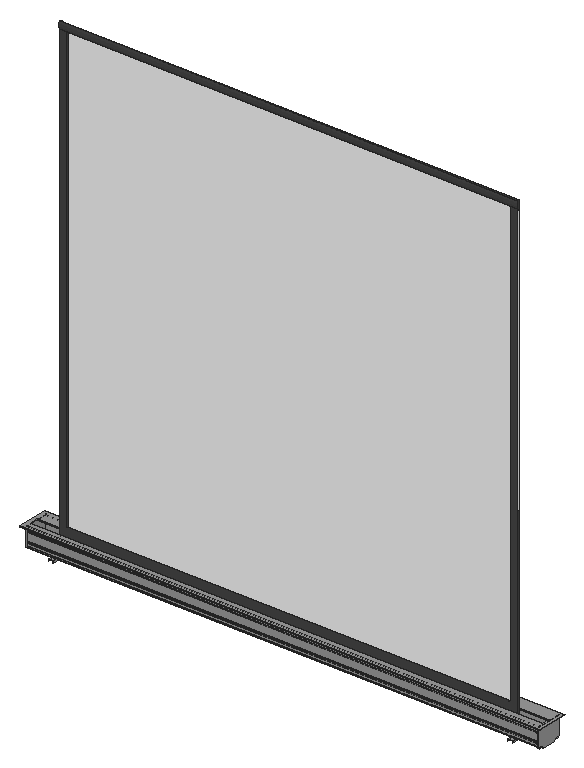
Revit family "Projector_Screen-Draper-Access_Fit_E", category Specialty Equipment, host Face, Revit 2026
Family settings
  Host = Face
  Round Connector Dimension = Use Diameter
  Part Type = Normal
  Classification Number = 23.85.10.14.31
  Enable Cutting in Views = No
  Cut with Voids When Loaded = No
  Maintain Annotation Orientation = No
  Shared = No
  Room Calculation Point = No
Parameters (values of type "AV Format  10 Feet  x 10 Feet")
  Width = 0' - 8 25/128"
  Voltage = 110 V
  URL = "http://www.draperinc.com"
  Screen Height = 10' - 0"
  Screen Drop = Screen Height  # 10' - 0"
  Screen Width = 10' - 0"
  Raised [instance] = not(Lowered)  # no
  Projection Screen Material = Fabric - Draper - CH1900E - Pearl White
  Product Page URL = "http://www.draperinc.com/ProjectionScreens/ProductDetail.aspx?detail=920"
  Product Name = "Access Fit/Series E  Electric Projection Screen"  # constant formula
  Product Documentation Link = "http://www.draperinc.com/DocumentDownload.aspx?path=ProjectionScreens\\Submittals&file=AccessFitE_In_Sub.pdf"
  Overall Size = "10' x 10'"
  Number of Poles = 1
  Model = "Access Fit/Series E"  # constant formula
  Material = ""
  Manufacturer = "Draper Inc."  # constant formula
  Lowered [instance] = yes
  Length = 11' - 4"
  Image Width = Screen Width - 0' 4"  # 9' - 8"
  Image Height = Screen Height - 0' 4"  # 9' - 8"
  Image Area = "10' x 10'"
  Frequency = 60 Hz
  Description = "Projection Screen"  # constant formula
  Default Elevation = 4' - 0"
  Case Width = Width - 0' 0 225/256" * 2  # 0' - 6 7/16"
  Case Material = Metal - Draper - Stainless Steel - Polished
  Case Height = 0' - 5 1/8"  # constant formula
  Cap Width = Width - 0' 0 183/256" * 2  # 0' - 6 49/64"
  Cap Height = 0' - 5 9/16"  # constant formula
  Apparent Load = 132 VA
Types (27): name | Screen Height | Screen Drop | Screen Width | Overall Size | Length | Image Width | Image Height | Image Area
  AV Format  10 Feet  x 10 Feet | 10' - 0" | 10' - 0" | 10' - 0" | "10' x 10'" | 11' - 4" | 9' - 8" | 9' - 8" | "10' x 10'"
  AV Format  8 Feet x 10 Feet | 8' - 0" | 8' - 0" | 10' - 0" | "8' x 10'" | 11' - 4" | 9' - 8" | 7' - 8" | "8' x 10'"
  AV Format  9 Feet x 9 Feet | 9' - 0" | 9' - 0" | 9' - 0" | "9' x 9'" | 10' - 6" | 8' - 8" | 8' - 8" | "9' x 9'"
  AV Format  7 Feet x 9 Feet | 7' - 0" | 7' - 0" | 9' - 0" | "7' x 9'" | 10' - 6" | 8' - 8" | 6' - 8" | "7' x 9'"
  AV Format  96 Inches x 96 Inches | 8' - 0" | 8' - 0" | 8' - 0" | "96\" x 96\"" | 9' - 5" | 7' - 8" | 7' - 8" | "96\" x 96\""
  AV Format  72 Inches x 96 Inches | 6' - 0" | 6' - 0" | 8' - 0" | "72\" x 96\"" | 9' - 5" | 7' - 8" | 5' - 8" | "72\" x 96\""
  AV Format  84 Inches x 84 Inches | 7' - 0" | 7' - 0" | 7' - 0" | "84\" x 84\"" | 8' - 6" | 6' - 8" | 6' - 8" | "84\" x 84\""
  AV Format  70 Inches x 70 Inches | 5' - 10" | 5' - 10" | 5' - 10" | "70\" x 70\"" | 7' - 1" | 5' - 6" | 5' - 6" | "70\" x 70\""
  AV Format  60 Inches x 60 Inches | 5' - 0" | 5' - 0" | 5' - 0" | "60\" x 60\"" | 6' - 4" | 4' - 8" | 4' - 8" | "60\" x 60\""
  AV Format  50 Inches x 50 Inches | 4' - 2" | 4' - 2" | 4' - 2" | "50\" x 50\"" | 5' - 6" | 3' - 10" | 3' - 10" | "50\" x 50\""
  16:10 Format 137 Inches | 6' - 4 1/2" | 6' - 4 1/2" | 10' - 0" | "76 1/2\" x 120\"" | 11' - 4" | 9' - 8" | 6' - 0 1/2" | "72 1/2\" x 116\""
  16:10 Format 123 Inches | 5' - 9" | 5' - 9" | 9' - 0" | "69\" x 108\"" | 10' - 6" | 8' - 8" | 5' - 5" | "65\" x 104\""
  16:10 Format 113 Inches | 6' - 0" | 6' - 0" | 8' - 4" | "72\" x 100\"" | 9' - 11" | 8' - 0" | 5' - 8" | "60\" x 96\""
  16:10 Format 109 Inches | 5' - 9 1/2" | 5' - 9 1/2" | 8' - 0" | "69 1/2\" x 96\"" | 9' - 5" | 7' - 8" | 5' - 5 1/2" | "57 1/2\" x 92\""
  16:10 Format 94 Inches | 5' - 2" | 5' - 2" | 6' - 11 1/2" | "62\" x 83 1/2\"" | 8' - 6" | 6' - 7 1/2" | 4' - 10" | "50\" x 80\""
  HDTV Format 133 Inches | 5' - 9" | 5' - 9" | 10' - 0" | "69\" x 120\"" | 11' - 4" | 9' - 8" | 5' - 5" | "65\" x 116\""
  HDTV Format 119 Inches | 5' - 2" | 5' - 2" | 9' - 0" | "62\" x 108\"" | 10' - 6" | 8' - 8" | 4' - 10" | "58\" x 104\""
  HDTV Format 110 Inches | 5' - 6" | 5' - 6" | 8' - 4" | "66\" x 100\"" | 9' - 11" | 8' - 0" | 5' - 2" | "54\" x 96\""
  HDTV Format 106 Inches | 5' - 4" | 5' - 4" | 8' - 0" | "64\" x 96\"" | 9' - 5" | 7' - 8" | 5' - 0" | "52\" x 92\""
  HDTV Format 100 Inches | 5' - 1" | 5' - 1" | 7' - 7" | "61\" x 91\"" | 8' - 11" | 7' - 3" | 4' - 9" | "49\" x 87\""
  HDTV Format 92 Inches | 4' - 9" | 4' - 9" | 6' - 11 1/2" | "57\" x 83 1/2\"" | 8' - 6" | 6' - 7 1/2" | 4' - 5" | "45\" x 80\""
  NTSC Video Format 150 Inches | 7' - 8" | 7' - 8" | 10' - 0" | "92\" x 120\"" | 11' - 4" | 9' - 8" | 7' - 4" | "87\" x 116\""
  NTSC Video Format 11 Feet | 6' - 11" | 6' - 11" | 9' - 0" | "83\" x 108\"" | 10' - 6" | 8' - 8" | 6' - 7" | "78\" x 104\""
  NTSC Video Format 10 Feet | 6' - 1" | 6' - 1" | 8' - 0" | "73\" x 96\"" | 9' - 5" | 7' - 8" | 5' - 9" | "72\" x 96\""
  NTSC Video Format 100 Inches | 5' - 4" | 5' - 4" | 6' - 11 1/2" | "64\" x 83 1/2\"" | 8' - 6" | 6' - 7 1/2" | 5' - 0" | "60\" x 80\""
  NTSC Video Format 7 Feet | 4' - 5 1/2" | 4' - 5 1/2" | 5' - 9 1/2" | "53 1/2\" x 69 1/2\"" | 7' - 1" | 5' - 5 1/2" | 4' - 1 1/2" | "50\" x 66 1/2\""
  NTSC Video Format 6 Feet | 3' - 10 1/2" | 3' - 10 1/2" | 4' - 11 1/2" | "46 1/2\" x 59 1/2\"" | 6' - 4" | 4' - 7 1/2" | 3' - 6 1/2" | "42 1/2\" x 56 1/2\""
Reference planes (in)
  plane 1 "Center (Front/Back)": y = 0
  plane 2: z = 0
  plane 3 "Center (Left/Right)": x = 0
  plane 4 "Left": x = -68
  plane 5 "Right": x = 68
  plane 6: x = -67
  plane 7: x = 67
  plane 8: x = -67.09375
  plane 9: x = 67.09375
  plane 10 "Bottom": z = 0.12194
  plane 11 "B/ Screen": z = 120.12194
  plane 12: x = -60
  plane 13: x = 60
  plane 14 "Back": y = 4.09766
  plane 15 "Front": y = -4.09766
  plane 16: y = 3.21977
  plane 17: y = -3.21977
  plane 18: z = 60.12194
  plane 19: z = 118.12194
  plane 20: z = -5.125
  plane 21: z = -5.5625
  plane 22: x = -60.09375
  plane 23: x = 60.09375
  plane 24: y = 3.875
  plane 25: y = -3.875
Forms (in)
  Extrusion 1, solid, material "Metal - Draper - Stainless Steel - Polished" <- "Case Material"
    sketch origin (0, 0, 0) x (1, 0, 0) y (0, 1, 0)
      loop
        line (-67, 0.23692) -> (-67, -1.98673) -> (67, -1.98673) -> (67, 0.23692) -> (-67, 0.23692)
      loop
        line (-68, 3.99901) -> (-68, -4.09766) -> (68, -4.09766) -> (68, 3.99901) -> (-68, 3.99901)
    from 0 to 0.12194
  Extrusion 2, void
    sketch origin (0, 0, 0) x (1, 0, 0) y (0, 1, 0)
      loop
        line (-67.09375, 3.21977) -> (-67.09375, -3.21977) -> (67.09375, -3.21977) -> (67.09375, 3.21977) -> (-67.09375, 3.21977)
    from -7.12806 to 0.12194
  Extrusion 3, solid, material "Fabric - Draper - Border - Black", visible <- "Lowered"
    sketch origin (0, 0, 0) x (0, 1, 0) y (0, 0, 1)
      loop
        line (-1.03821, 120.12194) -> (-1.20058, 120.12194)
        arc (-1.20058, 120.12194) -> (-1.34498, 119.12194) -> (-1.20058, 118.12194) r 3.53479
        line (-1.20058, 118.12194) -> (-1.03821, 118.12194)
        arc (-1.03821, 118.12194) -> (-0.89381, 119.12194) -> (-1.03821, 120.12194) r 3.53479
    from -60 to 60
  Sweep 4, solid, material "Fabric - Draper - CH1900E - Pearl White" <- "Projection Screen Material", visible <- "Lowered"
    path origin (0, 0, 0) x (0, 1, 0) y (0, 0, 1)
      loop
        line (-1.1194, 118.12194) -> (-1.1194, -3.49177)
    profile origin (0, -1.1194, 57.31509) x (1, 0, 0) y (0, 1, 0)
      loop
        line (-60, 0.03125) -> (-60, -0.03125) -> (60, -0.03125) -> (60, 0.03125) -> (-60, 0.03125)
  Extrusion 5, solid, material "Metal - Draper - Stainless Steel - Polished" <- "Case Material"
    sketch origin (0, 0, 0) x (1, 0, 0) y (0, 1, 0)
      loop
        circle (-65.75, 1) r 0.4375
    from -5.125 to -5.05538
  Extrusion 6, solid, material "Metal - Draper - Stainless Steel - Polished" <- "Case Material", visible <- "Raised"
    sketch origin (0, 0, 0) x (1, 0, 0) y (0, 1, 0)
      loop
        line (-67, 0.23692) -> (-67, -1.98673) -> (67, -1.98673) -> (67, 0.23692) -> (-67, 0.23692)
    from 0 to 0.12194
  Extrusion 7, solid, material "Fabric - Draper - Border - Black", visible <- "Lowered"
    sketch origin (0, 0, 0) x (1, 0, 0) y (0, 0, 1)
      loop
        line (-58, 2.12194) -> (-58, 118.12194) -> (-60, 118.12194) -> (-60, -3.49177) -> (60, -3.49177) -> (60, 118.12194) -> (58, 118.12194) -> (58, 2.12194) -> (-58, 2.12194)
    from 1.04334 to 1.19204
  Sweep 8, solid, material "Metal - Draper - Stainless Steel - Polished" <- "Case Material"
    path origin (0, 0, 0) x (1, 0, 0) y (0, 1, 0)
      loop
        line (-67, 0) -> (67, 0)
    profile "Casing : Casing" origin (0, 0, 0) x (0, 1, 0) y (0, 0, 1)
      loop
        arc (-2.9645, -5.05538) -> (-2.93771, -5.10118) -> (-2.8903, -5.125) r 0.09345
        line (-2.8903, -5.125) -> (-2.65794, -5.125) -> (-2.65794, -4.92994) -> (-2.82862, -4.92994) -> (-2.85303, -4.90553) -> (-2.85303, -4.77148) -> (-2.84083, -4.73487) -> (-2.80421, -4.69826) -> (-2.7677, -4.68616) -> (-2.18251, -4.68616) -> (-2.1459, -4.69826) -> (-2.10929, -4.73487) -> (-2.09708, -4.77148) -> (-2.09708, -4.90553) -> (-2.12149, -4.92994) -> (-2.29168, -4.92994) -> (-2.29168, -5.125) -> (-2.05991, -5.125)
        arc (-2.05991, -5.125) -> (-2.0125, -5.10118) -> (-1.98571, -5.05538) r 0.09345
        line (-1.98571, -5.05538) -> (1.98571, -5.05538)
        arc (1.98571, -5.05538) -> (2.0125, -5.10118) -> (2.05991, -5.125) r 0.09345
        line (2.05991, -5.125) -> (2.29168, -5.125) -> (2.29168, -4.92994) -> (2.12149, -4.92994) -> (2.09708, -4.90553) -> (2.09708, -4.77148) -> (2.10929, -4.73487) -> (2.1459, -4.69826) -> (2.18251, -4.68616) -> (2.7677, -4.68616) -> (2.80421, -4.69826) -> (2.84083, -4.73487) -> (2.85303, -4.77148) -> (2.85303, -4.90553) -> (2.82862, -4.92994) -> (2.65794, -4.92994) -> (2.65794, -5.125) -> (2.8903, -5.125)
        arc (2.8903, -5.125) -> (2.93771, -5.10118) -> (2.9645, -5.05538) r 0.09345
        line (2.9645, -5.05538) -> (3.03589, -4.69826) -> (3.03589, -3.85352)
        arc (3.03589, -3.85352) -> (3.1197, -3.91284) -> (3.21875, -3.88576) r 0.12017
        line (3.21875, -3.88576) -> (3.21875, -3.81465)
        arc (3.21875, -3.81465) -> (3.1197, -3.84173) -> (3.03589, -3.7824) r 0.12017
        line (3.03589, -3.7824) -> (3.03589, -3.63907)
        arc (3.03589, -3.63907) -> (3.1197, -3.57974) -> (3.21875, -3.60682) r 0.12017
        line (3.21875, -3.60682) -> (3.21875, -3.53571)
        arc (3.21875, -3.53571) -> (3.1197, -3.50863) -> (3.03589, -3.56795) r 0.12017
        line (3.03589, -3.56795) -> (3.03589, -1.27666)
        arc (3.03589, -1.27666) -> (3.1197, -1.33598) -> (3.21875, -1.3089) r 0.12017
        line (3.21875, -1.3089) -> (3.21875, -1.23778)
        arc (3.21875, -1.23778) -> (3.1197, -1.26486) -> (3.03589, -1.20554) r 0.12017
        line (3.03589, -1.20554) -> (3.03589, -1.0622)
        arc (3.03589, -1.0622) -> (3.1197, -1.00288) -> (3.21875, -1.02996) r 0.12017
        line (3.21875, -1.02996) -> (3.21875, 0) -> (2.78589, 0) -> (2.78589, -4.55538) -> (-2.78589, -4.55538) -> (-2.78589, 0) -> (-3.21875, 0) -> (-3.21875, -1.02996)
        arc (-3.21875, -1.02996) -> (-3.1197, -1.00288) -> (-3.03589, -1.0622) r 0.12017
        line (-3.03589, -1.0622) -> (-3.03589, -1.20554)
        arc (-3.03589, -1.20554) -> (-3.1197, -1.26486) -> (-3.21875, -1.23778) r 0.12017
        line (-3.21875, -1.23778) -> (-3.21875, -1.3089)
        arc (-3.21875, -1.3089) -> (-3.1197, -1.33598) -> (-3.03589, -1.27666) r 0.12017
        line (-3.03589, -1.27666) -> (-3.03589, -3.56795)
        arc (-3.03589, -3.56795) -> (-3.1197, -3.50863) -> (-3.21875, -3.53571) r 0.12017
        line (-3.21875, -3.53571) -> (-3.21875, -3.60682)
        arc (-3.21875, -3.60682) -> (-3.1197, -3.57974) -> (-3.03589, -3.63907) r 0.12017
        line (-3.03589, -3.63907) -> (-3.03589, -3.7824)
        arc (-3.03589, -3.7824) -> (-3.1197, -3.84173) -> (-3.21875, -3.81465) r 0.12017
        line (-3.21875, -3.81465) -> (-3.21875, -3.88576)
        arc (-3.21875, -3.88576) -> (-3.1197, -3.91284) -> (-3.03589, -3.85352) r 0.12017
        line (-3.03589, -3.85352) -> (-3.03589, -4.69826) -> (-2.9645, -5.05538)
  Sweep 9, solid, material "Metal - Draper - Stainless Steel - Polished" <- "Case Material"
    path origin (0, 0, 0) x (1, 0, 0) y (0, 1, 0)
      loop
        line (67, 0) -> (67.09375, 0)
    profile "End_Cap : End_Cap" origin (67.04688, 0, 0) x (0, 1, 0) y (0, 0, 1)
      loop
        line (-3.38281, -0.2926) -> (-3.38281, -4.56277)
        arc (-3.38281, -4.56277) -> (-3.33202, -4.71518) -> (-3.19995, -4.80665) r 0.25406
        line (-3.19995, -4.80665) -> (-2.15151, -4.80665)
        arc (-2.15151, -4.80665) -> (-2.05665, -4.84594) -> (-2.01736, -4.9408) r 0.13414
        line (-2.01736, -4.9408) -> (-2.01736, -5.12366) -> (-2.01736, -5.17237)
        arc (-2.01736, -5.17237) -> (-1.96984, -5.23425) -> (-1.89542, -5.2577) r 0.12979
        line (-1.89542, -5.2577) -> (-1.8345, -5.2577)
        arc (-1.8345, -5.2577) -> (-1.76291, -5.30362) -> (-1.72477, -5.37964) r 0.16078
        line (-1.72477, -5.37964) -> (-1.71256, -5.44066)
        arc (-1.71256, -5.44066) -> (-1.68911, -5.51503) -> (-1.62724, -5.5625) r 0.12965
        line (-1.62724, -5.5625) -> (-1.59062, -5.5625) -> (1.57842, -5.5625) -> (1.62724, -5.5625)
        arc (1.62724, -5.5625) -> (1.68911, -5.51503) -> (1.71256, -5.44066) r 0.12965
        line (1.71256, -5.44066) -> (1.71256, -5.37964)
        arc (1.71256, -5.37964) -> (1.74828, -5.29342) -> (1.8345, -5.2577) r 0.12194
        line (1.8345, -5.2577) -> (1.89542, -5.2577)
        arc (1.89542, -5.2577) -> (1.96984, -5.23425) -> (2.01736, -5.17237) r 0.12979
        line (2.01736, -5.17237) -> (2.01736, -4.9408)
        arc (2.01736, -4.9408) -> (2.05659, -4.84595) -> (2.15141, -4.80665) r 0.13404
        line (2.15141, -4.80665) -> (3.18775, -4.80665)
        arc (3.18775, -4.80665) -> (3.32805, -4.71892) -> (3.38281, -4.56277) r 0.24999
        line (3.38281, -4.56277) -> (3.38281, -0.2926)
        arc (3.38281, -0.2926) -> (3.36497, -0.24952) -> (3.32189, -0.23168) r 0.06092
        line (3.32189, -0.23168) -> (3.0293, -0.23168)
        arc (3.0293, -0.23168) -> (3.01204, -0.22453) -> (3.00489, -0.20727) r 0.02441
        line (3.00489, -0.20727) -> (3.00489, -0.04882) -> (2.97568, 0) -> (-2.97568, 0) -> (-3.00489, -0.04882) -> (-3.00489, -0.20727)
        arc (-3.00489, -0.20727) -> (-3.01204, -0.22453) -> (-3.0293, -0.23168) r 0.02441
        line (-3.0293, -0.23168) -> (-3.32189, -0.23168)
        arc (-3.32189, -0.23168) -> (-3.36497, -0.24952) -> (-3.38281, -0.2926) r 0.06092
  Sweep 10, solid, material "Metal - Draper - Stainless Steel - Polished" <- "Case Material"
    path origin (0, 0, 0) x (-1, 0, 0) y (0, 1, 0)
      loop
        line (67, 0) -> (67.09375, 0)
    profile "End_Cap : End_Cap" origin (-67.04687, 0, 0) x (0, -1, 0) y (0, 0, 1)
      loop
        arc (3.38281, -0.2926) -> (3.36497, -0.24952) -> (3.32189, -0.23168) r 0.06092
        line (3.32189, -0.23168) -> (3.0293, -0.23168)
        arc (3.0293, -0.23168) -> (3.01204, -0.22453) -> (3.00489, -0.20727) r 0.02441
        line (3.00489, -0.20727) -> (3.00489, -0.04882) -> (2.97568, 0) -> (-2.97568, 0) -> (-3.00489, -0.04882) -> (-3.00489, -0.20727)
        arc (-3.00489, -0.20727) -> (-3.01204, -0.22453) -> (-3.0293, -0.23168) r 0.02441
        line (-3.0293, -0.23168) -> (-3.32189, -0.23168)
        arc (-3.32189, -0.23168) -> (-3.36497, -0.24952) -> (-3.38281, -0.2926) r 0.06092
        line (-3.38281, -0.2926) -> (-3.38281, -4.56277)
        arc (-3.38281, -4.56277) -> (-3.32805, -4.71892) -> (-3.18775, -4.80665) r 0.24999
        line (-3.18775, -4.80665) -> (-2.15141, -4.80665)
        arc (-2.15141, -4.80665) -> (-2.05659, -4.84595) -> (-2.01736, -4.9408) r 0.13404
        line (-2.01736, -4.9408) -> (-2.01736, -5.17237)
        arc (-2.01736, -5.17237) -> (-1.96984, -5.23425) -> (-1.89542, -5.2577) r 0.12979
        line (-1.89542, -5.2577) -> (-1.8345, -5.2577)
        arc (-1.8345, -5.2577) -> (-1.74828, -5.29342) -> (-1.71256, -5.37964) r 0.12194
        line (-1.71256, -5.37964) -> (-1.71256, -5.44066)
        arc (-1.71256, -5.44066) -> (-1.68911, -5.51503) -> (-1.62724, -5.5625) r 0.12965
        line (-1.62724, -5.5625) -> (-1.57842, -5.5625) -> (1.59062, -5.5625) -> (1.62724, -5.5625)
        arc (1.62724, -5.5625) -> (1.68911, -5.51503) -> (1.71256, -5.44066) r 0.12965
        line (1.71256, -5.44066) -> (1.72477, -5.37964)
        arc (1.72477, -5.37964) -> (1.76291, -5.30362) -> (1.8345, -5.2577) r 0.16078
        line (1.8345, -5.2577) -> (1.89542, -5.2577)
        arc (1.89542, -5.2577) -> (1.96984, -5.23425) -> (2.01736, -5.17237) r 0.12979
        line (2.01736, -5.17237) -> (2.01736, -5.12366) -> (2.01736, -4.9408)
        arc (2.01736, -4.9408) -> (2.05665, -4.84594) -> (2.15151, -4.80665) r 0.13414
        line (2.15151, -4.80665) -> (3.19995, -4.80665)
        arc (3.19995, -4.80665) -> (3.33202, -4.71518) -> (3.38281, -4.56277) r 0.25406
        line (3.38281, -4.56277) -> (3.38281, -0.2926)
  Extrusion 11, solid, material "Metal - Draper - Stainless Steel - Polished" <- "Case Material"
    sketch origin (0, 0, 0) x (1, 0, 0) y (0, 0, 1)
      loop
        line (-59.40625, -5.5625) -> (-59.40625, -5.25)
        arc (-59.40625, -5.25) -> (-59.44286, -5.16161) -> (-59.53125, -5.125) r 0.125
        line (-59.53125, -5.125) -> (-60.65625, -5.125)
        arc (-60.65625, -5.125) -> (-60.74464, -5.16161) -> (-60.78125, -5.25) r 0.125
        line (-60.78125, -5.25) -> (-60.78125, -5.5625) -> (-60.65625, -5.5625) -> (-60.65625, -5.25) -> (-59.53125, -5.25) -> (-59.53125, -5.5625) -> (-59.40625, -5.5625)
      loop
        line (59.40625, -5.5625) -> (59.53125, -5.5625) -> (59.53125, -5.25) -> (60.65625, -5.25) -> (60.65625, -5.5625) -> (60.78125, -5.5625) -> (60.78125, -5.25)
        arc (60.78125, -5.25) -> (60.74464, -5.16161) -> (60.65625, -5.125) r 0.125
        line (60.65625, -5.125) -> (59.53125, -5.125)
        arc (59.53125, -5.125) -> (59.44286, -5.16161) -> (59.40625, -5.25) r 0.125
        line (59.40625, -5.25) -> (59.40625, -5.5625)
    from -3.875 to 3.875
Lines and regions (in)
  Masking region 1
    outline origin (0, 0, 0) x (1, 0, 0) y (0, 1, 0)
      loop
        line (-68, 4.06542) -> (-68, -4.09766) -> (68, -4.09766) -> (68, 4.06542) -> (-68, 4.06542)
      loop
        line (-67, 0.23692) -> (-67, -1.98673) -> (67, -1.98673) -> (67, 0.23692) -> (-67, 0.23692)
  symbolic lines, detail levels fine
    curve 1: line (-67, -4.06542, 0) -> (-67, 3.99901, 0)
    curve 2: line (67, 3.99901, 0) -> (67, -4.09766, 0)
Dimensions and locks (in)
  equal spacing: plane 4 "Left", plane 3 "Center (Left/Right)", plane 5 "Right"
  "Length": plane 4 "Left" to plane 5 "Right"
  plane 4 "Left" to plane 6 = 0' - 1"
  plane 7 to plane 5 "Right" = 0' - 1"
  locked: plane 8 to plane 6 at 0.09375
  locked: plane 7 to plane 9 at 0.09375
  Extrusion 1 sketch curve to Extrusion 1 sketch curve = 0' - 3.76209"
  locked: Extrusion 1 sketch curve to Extrusion 1 sketch curve at 2.11093
  locked: Extrusion 1 sketch curve to Extrusion 1 sketch curve at 1  (x2)
  plane 1 "Center (Front/Back)" to Extrusion 2 sketch curve = 0' - 3.21977"
  locked: plane 11 "B/ Screen" to Extrusion 3 sketch curve at 2
  plane 1 "Center (Front/Back)" to Extrusion 3 sketch curve to Extrusion 3 sketch curve to Extrusion 3 sketch curve to Extrusion 3 sketch curve = 0' - 0.89381" locked, 0' - 0.1444" locked, 0' - 0.16237" locked, 0' - 0.1444" locked
  plane 1 "Center (Front/Back)" to Extrusion 3 sketch curve to Extrusion 3 sketch curve = 0' - 1.03821" locked, 0' - 0.16237" locked
  locked: plane 2 to Sweep 4 sketch curve at 3.49177
  locked: plane 11 "B/ Screen" to Sweep 4 sketch curve at 2
  Sweep 4 sketch curve to profile plane to Sweep 4 sketch curve = 0' - 0 1/32" locked, 0' - 0 1/32" locked
  locked: plane 4 "Left" to Extrusion 5 sketch curve at 2.25
  locked: plane 1 "Center (Front/Back)" to Extrusion 5 sketch curve at 1
  equal spacing: plane 15 "Front", plane 1 "Center (Front/Back)", plane 14 "Back"
  "Width": plane 14 "Back" to plane 15 "Front"
  locked: plane 14 "Back" to plane 16 at 0.87789
  locked: plane 17 to plane 15 "Front" at 0.87789
  locked: plane 1 "Center (Front/Back)" to Sweep 4 sketch curve at 1.1194
  equal spacing: plane 11 "B/ Screen", plane 18, plane 10 "Bottom"
  locked: Sweep 4 to Extrusion 7 at 0.0414
  locked: Extrusion 7 to Sweep 4 at 0.04481
  locked: plane 11 "B/ Screen" to plane 19 at 2
  locked: plane 10 "Bottom" to Extrusion 7 sketch curve at 3.61371
  "Image Height": plane 19 to Extrusion 7 sketch curve
  equal spacing: Extrusion 7 sketch curve, plane 3 "Center (Left/Right)", Extrusion 7 sketch curve
  "Image Width": Extrusion 7 sketch curve to Extrusion 7 sketch curve
  equal spacing: plane 13, plane 3 "Center (Left/Right)", plane 12
  "Screen Width": plane 13 to plane 12
  "Case Height": plane 2 to plane 20
  "Cap Height": plane 2 to plane 21
  "Screen Drop": plane 11 "B/ Screen" to plane 10 "Bottom"
  plane 20 to Extrusion 11 sketch curve to Extrusion 11 sketch curve to Extrusion 11 sketch curve = 0' - 0 1/8" locked, 0' - 0" locked, 0' - 0" locked  (x2)
  Extrusion 11 sketch curve to Extrusion 11 sketch curve to Extrusion 11 sketch curve to plane 23 to Extrusion 11 sketch curve to Extrusion 11 sketch curve to Extrusion 11 sketch curve = 0' - 0 1/8" locked, 0' - 0" locked, 0' - 0 9/16" locked, 0' - 0 9/16" locked, 0' - 0" locked, 0' - 0 1/8" locked
  Extrusion 11 sketch curve to Extrusion 11 sketch curve to Extrusion 11 sketch curve to plane 22 to Extrusion 11 sketch curve to Extrusion 11 sketch curve to Extrusion 11 sketch curve = 0' - 0 1/8" locked, 0' - 0" locked, 0' - 0 9/16" locked, 0' - 0 9/16" locked, 0' - 0" locked, 0' - 0 1/8" locked
  locked: plane 25 to plane 15 "Front" at 0.22266
  locked: plane 14 "Back" to plane 24 at 0.22266
  locked: plane 8 to plane 22 at 7
  locked: plane 23 to plane 9 at 7
  aligned and locked: host face to plane 2
  aligned and locked: host face to level
  aligned and locked: plane 10 "Bottom" to Extrusion 1
  aligned and locked: Extrusion 3 to plane 12
  aligned and locked: plane 13 to Extrusion 3
  aligned and locked: Sweep 4 sketch curve to plane 12
  aligned and locked: Sweep 4 sketch curve to plane 13
  aligned and locked: Masking region 1 sketch curve to Extrusion 1  (x6)
  aligned and locked: curve 1 to Extrusion 1
  aligned and locked: curve 2 to Extrusion 1
  aligned and locked: Extrusion 1 to curve 2  (x2)
  aligned and locked: Extrusion 1 to curve 1
  aligned and locked: Extrusion 6 sketch curve to Extrusion 1  (x2)
  aligned and locked: Extrusion 6 sketch curve to Masking region 1
  aligned and locked: plane 7 to Extrusion 6 sketch curve
  aligned and locked: Extrusion 6 to level
  aligned and locked: plane 10 "Bottom" to Extrusion 6
  aligned and locked: Extrusion 2 sketch curve to plane 16
  aligned and locked: Extrusion 2 sketch curve to plane 17
  aligned and locked: plane 9 to Extrusion 2 sketch curve
  aligned and locked: plane 8 to Extrusion 2 sketch curve
  aligned and locked: Extrusion 7 sketch curve to plane 12
  aligned and locked: Extrusion 7 sketch curve to plane 19
  aligned and locked: Extrusion 7 sketch curve to plane 13
  aligned and locked: Sweep 8 sketch curve to plane 1 "Center (Front/Back)"
  aligned and locked: plane 7 to Sweep 8 sketch curve
  aligned and locked: plane 6 to Sweep 8 sketch curve
  aligned and locked: Extrusion 5 to plane 20
  aligned and locked: Extrusion 5 to Sweep 8
  aligned and locked: plane 7 to Sweep 9 sketch curve
  aligned and locked: plane 9 to Sweep 9 sketch curve
  aligned and locked: plane 1 "Center (Front/Back)" to Sweep 9 sketch curve
  aligned and locked: plane 8 to Sweep 10 sketch curve
  aligned and locked: plane 6 to Sweep 10 sketch curve
  aligned and locked: plane 1 "Center (Front/Back)" to Sweep 10 sketch curve
  aligned and locked: plane 7 to Extrusion 1 sketch curve
  aligned and locked: plane 4 "Left" to Extrusion 1 sketch curve
  aligned and locked: plane 20 to Extrusion 11 sketch curve
  aligned and locked: Extrusion 11 to plane 24
  aligned and locked: Extrusion 11 to plane 25
  aligned and locked: Extrusion 11 sketch curve to plane 20
  aligned and locked: Extrusion 11 sketch curve to plane 21  (x2)
  aligned and locked: plane 21 to Extrusion 11 sketch curve  (x2)
Automatic sketch dimensions
  plane 15 "Front" to curve 1 = 0' - 0.03224"
  host sketch curve to host sketch curve = 17' - 5.56247"
  host sketch curve to host sketch curve = 8' - 0"
  Extrusion 1 sketch curve to plane 15 "Front" = 0' - 0"
  Extrusion 1 sketch curve to plane 1 "Center (Front/Back)" = 0' - 0.23692"
  Extrusion 3 sketch curve to plane 11 "B/ Screen" = 0' - 0"
  plane 17 to Masking region 1 sketch curve = 0' - 1.23304"
  Masking region 1 sketch curve to plane 14 "Back" = 0' - 0.03224"
  Extrusion 7 sketch curve to plane 19 = 0' - 0"
  radius of Extrusion 5 sketch curve = 0' - 0 7/16"
Connectors (in)
  electrical at (-65.75, 1, -5.125), driven by "Voltage", driven by "Apparent Load", driven by "Number of Poles"
    settings: on Extrusion 5, index 1, voltage 110 V, apparent load 0 VA, apparent load phase1 132 VA, apparent load phase2 0 VA, apparent load phase3 0 VA, power factor 1, load classification "Motor", number of poles 1, system type 31, power factor state 1, is connector primary yes, connector utility no, sub classification motor no, connector description "Power Connection"
